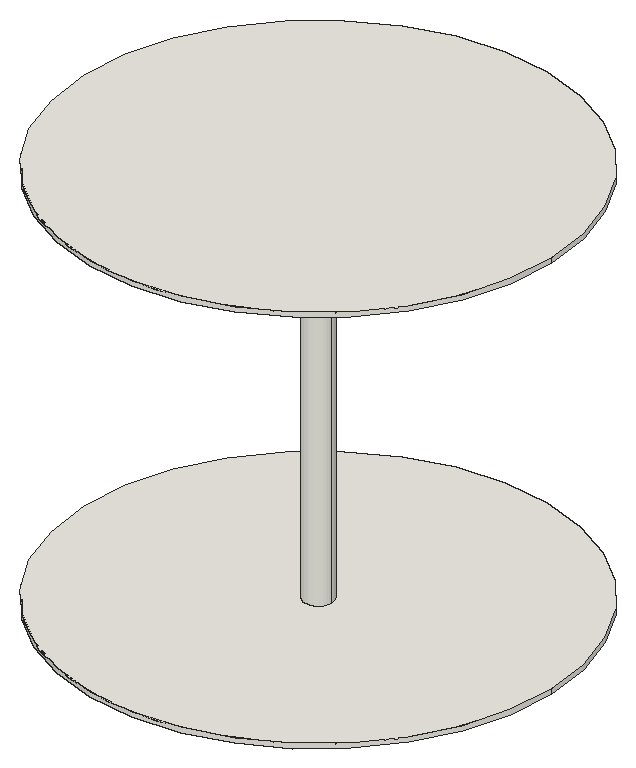
Revit family "Haworth_Gong_Table", category Furniture, Revit 2018
Family settings
  OmniClass Number = 23.40.20.00
  OmniClass Title = General Furniture and Specialties
  Work Plane-Based = No
  Always vertical = Yes
  Cut with Voids When Loaded = No
  Shared = No
  Room Calculation Point = No
Parameters (values of type "HCCE-GONG")
  Warranty = "http://www.haworth.com/resources/product-info/warranties"
  URL - Product = "https://www.haworth.com/na/en/products/side-occasional/gong.html"
  URL = "http://www.haworth.com/our-brands/haworth-collection"
  Table Finish [instance] = Haworth _ Paint _ Collection White
  Size = "Verify Final Dim. w/ Haworth"  # constant formula
  Revision = "4"  # constant formula
  Model = "HCCE-GONG"
  Manufacturer = "Haworth"  # constant formula
  Description = "Haworth Gong Table"
  Author = "Haworth (Hampton)"  # constant formula
  Assembly Code = "E2020200"
  Actual Height = 1' - 4 1/2"  # constant formula
  Actual Diameter = 1' - 7 3/4"  # constant formula
Reference planes (in)
  plane 1 "Center Front/Back": y = 0
  plane 2: z = 0
  plane 3 "Center Left/Right": x = 0
  plane 4 "Top": z = 16.5
  plane 5 "Top Bottom": z = 16.30207
  plane 6 "Bottom Top": z = 0.1875
Forms (in)
  Extrusion 1, solid, material "Haworth _ Paint _ Collection White" <- "Table Finish"
    sketch origin (0, 0, 0) x (1, 0, 0) y (0, 1, 0)
      loop
        circle (0, 0) r 9.84997
    from 0 to 0.19793
  Extrusion 2, solid, material "Haworth _ Paint _ Collection White" <- "Table Finish"
    sketch origin (0, 0, 0) x (1, 0, 0) y (0, 1, 0)
      loop
        circle (0, 0) r 9.84997
    from 16.30207 to 16.5
  Extrusion 3, solid, material "Haworth _ Paint _ Collection White" <- "Table Finish"
    sketch origin (0, 0, 0) x (1, 0, 0) y (0, 1, 0)
      loop
        circle (0, 0) r 0.57701
    from 0.19793 to 16.30207
Lines and regions (in)
  Masking region 1
    outline origin (0, 0, 0) x (1, 0, 0) y (0, 1, 0)
      loop
        circle (0, 0) r 9.84997
Dimensions and locks (in)
  "Actual Height": plane 4 "Top" to level
  locked: plane 6 "Bottom Top" to level at 0.1875
  locked: plane 4 "Top" to plane 5 "Top Bottom" at 0.19793
  aligned and locked: plane 4 "Top" to Extrusion 2
  aligned and locked: Extrusion 2 to plane 5 "Top Bottom"
  aligned and locked: plane 5 "Top Bottom" to Extrusion 3
Automatic sketch dimensions
  plane 1 "Center Front/Back" to Extrusion 1 sketch curve = 0' - 0"
  Extrusion 1 sketch curve to plane 3 "Center Left/Right" = 0' - 0"
  plane 1 "Center Front/Back" to Extrusion 2 sketch curve = 0' - 0"
  Extrusion 2 sketch curve to plane 3 "Center Left/Right" = 0' - 0"
  plane 1 "Center Front/Back" to Extrusion 3 sketch curve = 0' - 0"
  Extrusion 3 sketch curve to plane 3 "Center Left/Right" = 0' - 0"
  plane 1 "Center Front/Back" to Masking region 1 sketch curve = 0' - 0"
  Masking region 1 sketch curve to plane 3 "Center Left/Right" = 0' - 0"
  radius of Extrusion 1 sketch curve = 0' - 9.84997"
  radius of Extrusion 2 sketch curve = 0' - 9.84997"
  radius of Extrusion 3 sketch curve = 0' - 0.57701"
  radius of Masking region 1 sketch curve = 0' - 9.84997"
